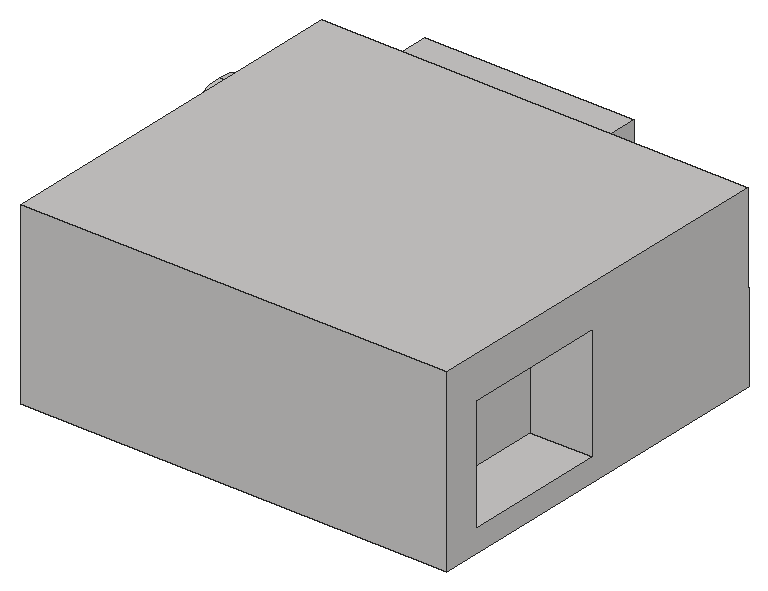
Revit family
Parameters
  Width = 3' - 0 1/8"
  Voltage = 208 V
  Unit Weight = "145.0 lbs"
  UltraLoc Liner = Choose Liner Option = 3  # no
  URL = "http://www.titus-hvac.com/"
  UL = "181"
  Supply Air Flow [instance] = 0 CFM
  SteriLoc Liner = Choose Liner Option = 2  # no
  Primary Air Pressure Drop [instance] = 0.00 in-wg
  Primary Air Flow [instance] = 0 CFM
  Plenum Air Pressure Drop [instance] = 0.00 in-wg
  Plenum Air Flow [instance] = 0 CFM
  Outlet Width = 1' - 2"
  Outlet Vertical Offset = 0' - 1 1/8"
  Outlet Horizontal Offset = 0' - 1 3/8"
  Outlet Height = 0' - 11"
  Number of Poles = 2
  Nominal Width = Width + 0' 6 1/4"  # 3' - 6 3/8"
  Nominal Length = Length + 0' 3 3/8"  # 3' - 8 1/4"
  Nominal Inlet Size = 1' - 0"
  Nominal Height = 1' - 5 1/8"
  NFPA = "90A"
  Motor Full Load Amps = 1.8 A
  Model = "DTQS"
  Min. Air Flow = 0 CFM
  Max. Air Flow = 0 CFM
  Material = Galvanized Steel
  Manufacturer = "Titus"
  Length = 3' - 4 7/8"
  Juction Box Offset = 0' - 4 7/8"
  Inlet Diameter = Nominal Inlet Size - 0' 0 1/8"  # 0' - 11 7/8"
  Induced Air Inlet Offset = 0' - 4 1/2"
  Induced Air Inlet Width = 1' - 1 1/4"
  Induced Air Inlet Height = 1' - 2 1/2"
  Induced Air Filter = no
  Heating Total Capacity [instance] = 0 Btu/h
  Half Outlet Connection Width = Outlet Width / 2  # 0' - 7"
  Half Outlet Connection Height = Outlet Height / 2  # 0' - 5 1/2"
  Half Height Start = -(Nominal Height / 2)  # -0' - 8 9/16"
  Half Height End = Nominal Height / 2  # 0' - 8 9/16"
  HP-Motor = "1/6"
  Frequency = 60 Hz
  Filter Size = "19\"x17\""
  Fiber Free Liner = Choose Liner Option = 1  # no
  Fan Disconnect Switch = no
  Duct Radius = Nominal Inlet Size / 2  # 0' - 6"
  Description = "Series Fan Powered Terminal Unit, Direct Digital Control, Pressure Independent"
  Connection Void Radius = Connection Radius - 0' 0 1/4"  # 0' - 5 11/16"
  Connection Radius = Inlet Diameter / 2  # 0' - 5 15/16"
  Choose Liner Option = 0
  CADworks URL = "www.CADworks.net"
  Assembly Code = "D3040100"
  Apparent Power = Voltage * Motor Full Load Amps  # 374.4 VA
  Air Inlet Offset = 0' - 8"
  1/2" Fiberglass Liner = Choose Liner Option = 0  # yes
Reference planes (in)
  plane 1 "Center (Front/Back)": y = 0
  plane 2: z = 0
  plane 3 "Center (Left/Right)": x = 3
  plane 4: x = -17.4375
  plane 5: x = 23.4375
  plane 6: x = -12.5625
  plane 7: x = -20.8125
  plane 8 "Center (Elevation)": z = 0
  plane 9: y = -18.0625
  plane 10: y = 18.0625
  plane 11: y = 10.0625
  plane 12: y = -13.5625
  plane 13: x = -11.4375
  plane 14: x = 17.4375
  plane 15: y = 24.3125
  plane 16: z = 8.5625
  plane 17: z = -8.5625
Forms (in)
  Extrusion 1, solid, material "Galvanized Steel" <- "Material"
    sketch origin (61, -3.76302, 78.80279) x (1, 0, 0) y (0, 1, 0)
      loop
        line (-78.4375, 21.82552) -> (-78.4375, -14.29948) -> (-37.5625, -14.29948) -> (-37.5625, 21.82552) -> (-78.4375, 21.82552)
    from -87.36529 <- "Half Height Start" to -70.24029 <- "Half Height End"
  Extrusion 2, solid, material "Galvanized Steel" <- "Material"
    sketch origin (6.0625, 0, 42) x (1, 0, 0) y (0, 1, 0)
      loop
        line (-18.625, 18.0625) -> (1.375, 18.0625) -> (1.375, 24.3125) -> (-18.625, 24.3125) -> (-18.625, 18.0625)
    from -48 to -36
  Extrusion 3, void
    sketch origin (23.4375, 18.0625, 76.42779) x (0, 1, 0) y (0, 0, -1)
      loop
        line (-18.625, 71.86529) -> (-18.625, 82.86529) -> (-32.625, 82.86529) -> (-32.625, 71.86529) -> (-18.625, 71.86529)
    from 0 to 6
  Extrusion 4, solid, material "Galvanized Steel" <- "Material"
    sketch origin (-24.875, -0.4375, 0) x (0, 0, -1) y (0, 1, 0)
      loop
        circle (0, 10.5) r 5.9375
    from 4.0625 to 7.4375
  Extrusion 5, void
    sketch origin (-24.875, 0, 0) x (0, 1, 0) y (0, 0, 1)
      loop
        circle (10.0625, 0) r 5.6875
    from 4.0625 to 13.4375
  Extrusion 6, void
    sketch origin (-17.4375, -18.0625, 78.67779) x (0, -1, 0) y (0, 0, -1)
      loop
        line (-17.75, 71.49029) -> (-4.5, 71.49029) -> (-4.5, 85.99029) -> (-17.75, 85.99029) -> (-17.75, 71.49029)
    from 0 to 6
Cuts and joins
  Extrusion 3, Extrusion 5, Extrusion 6 cuts Extrusion 1
  Extrusion 5 cuts Extrusion 4
Dimensions and locks (in)
  "Length": plane 5 to plane 4
  equal spacing: plane 5, plane 3 "Center (Left/Right)", plane 4
  locked: Extrusion 2 to plane 6 at 0
  locked: Extrusion 2 to Extrusion 2 at 20
  "Juction Box Offset": plane 6 to plane 4
  "Outlet Height": Extrusion 3 sketch curve to Extrusion 3 sketch curve
  "Outlet Width": Extrusion 3 sketch curve to Extrusion 3 sketch curve
  locked: plane 4 to plane 7 at 3.375
  "Width": plane 9 to plane 10
  equal spacing: plane 9, plane 1 "Center (Front/Back)", plane 10
  locked: Extrusion 4 sketch curve to level at 0
  locked: Extrusion 4 sketch curve to plane 11 at 0
  locked: Extrusion 5 sketch curve to level at 0
  locked: Extrusion 5 sketch curve to plane 11 at 0
  locked: Extrusion 2 to Extrusion 2 at 6.25
  "Air Inlet Offset": plane 10 to plane 11
  locked: Extrusion 2 to plane 10 at 0
  locked: cut or joined group of Extrusion 4, Extrusion 5 to plane 7 at 0
  locked: cut or joined group of Extrusion 4, Extrusion 5 to cut or joined group of Extrusion 4, Extrusion 5 at 3.375
  "Induced Air Inlet Offset": plane 9 to plane 12
  "Induced Air Inlet Width": Extrusion 6 sketch curve to Extrusion 6 sketch curve
  "Induced Air Inlet Height": Extrusion 6 sketch curve to Extrusion 6 sketch curve
  "Induced Air Inlet Offset": Extrusion 6 sketch curve to plane 9
  locked: plane 9 to Extrusion 3 sketch curve at 3.5
  cut or joined group of Extrusion 1, Extrusion 3, Extrusion 5, Extrusion 6 to Extrusion 6 sketch curve = 0' - 1 3/8"
  cut or joined group of Extrusion 1, Extrusion 3, Extrusion 5, Extrusion 6 to Extrusion 3 sketch curve = 0' - 2 1/8"
  locked: Extrusion 2 to Extrusion 2 at 12
  equal spacing: Extrusion 2, level, Extrusion 2
  locked: cut or joined group of Extrusion 1, Extrusion 3, Extrusion 5, Extrusion 6 to cut or joined group of Extrusion 1, Extrusion 3, Extrusion 5, Extrusion 6 at 17.125
  equal spacing: cut or joined group of Extrusion 1, Extrusion 3, Extrusion 5, Extrusion 6, level, cut or joined group of Extrusion 1, Extrusion 3, Extrusion 5, Extrusion 6
  locked: plane 4 to plane 13 at 6
  locked: plane 14 to plane 5 at 6
  "Connection Radius": radius of Extrusion 4 sketch curve
  "Connection Void Radius": radius of Extrusion 5 sketch curve
  aligned and locked: cut or joined group of Extrusion 1, Extrusion 3, Extrusion 5, Extrusion 6 to plane 10
  aligned and locked: plane 9 to cut or joined group of Extrusion 1, Extrusion 3, Extrusion 5, Extrusion 6
  aligned and locked: plane 5 to cut or joined group of Extrusion 1, Extrusion 3, Extrusion 5, Extrusion 6
  aligned and locked: cut or joined group of Extrusion 1, Extrusion 3, Extrusion 5, Extrusion 6 to plane 4
  aligned and locked: Extrusion 3 to plane 14
  aligned and locked: plane 13 to Extrusion 6
  aligned and locked: Extrusion 6 to Extrusion 5
Automatic sketch dimensions
  plane 4 to Extrusion 1 sketch curve = 0' - 0"
  plane 5 to Extrusion 1 sketch curve = 0' - 0"
  plane 9 to Extrusion 1 sketch curve = 0' - 0"
  plane 10 to Extrusion 1 sketch curve = 0' - 0"
  Extrusion 2 sketch curve to plane 6 = 0' - 0"
  Extrusion 2 sketch curve to plane 10 = 0' - 0"
  plane 3 "Center (Left/Right)" to Extrusion 2 sketch curve = 0' - 4 7/16"
  Extrusion 2 sketch curve to plane 10 = 0' - 6 1/4"
Connectors (in)
  electrical at (-2.5625, 24.3125, 0), driven by "Apparent Power", driven by "Voltage", driven by "Number of Poles"
    settings: on Extrusion 2, index 8
  hvac at (-20.8125, 10.0625, 0), driven by "Primary Air Flow", driven by "Duct Radius", driven by "Primary Air Pressure Drop"
    settings: on cut or joined group of Extrusion 4, Extrusion 5, index 9
  hvac at (-17.4375, -6.9375, -0.0625), driven by "Induced Air Inlet Width", driven by "Induced Air Inlet Height", driven by "Plenum Air Pressure Drop", driven by "Plenum Air Flow"
    settings: on cut or joined group of Extrusion 1, Extrusion 3, Extrusion 5, Extrusion 6, index 14
  hvac at (23.4375, -7.5625, -0.9375), driven by "Supply Air Flow", driven by "Outlet Width", driven by "Outlet Height"
    settings: on cut or joined group of Extrusion 1, Extrusion 3, Extrusion 5, Extrusion 6, index 15
